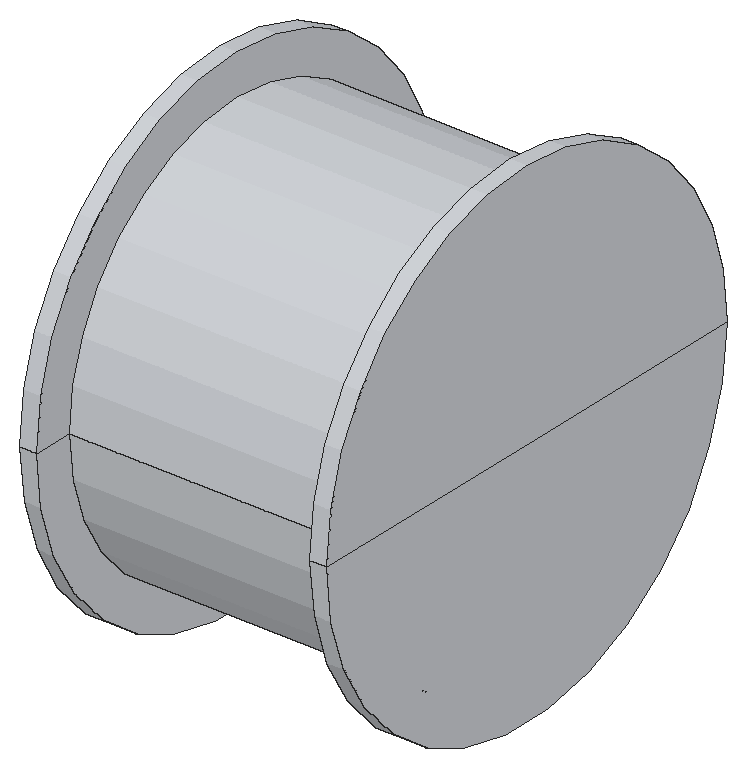
Revit family "be97ff61dff9493fa1e55b4abbdde88b", category Pipe Fittings, Revit 2021
Family settings
  Round Connector Dimension = Use Radius
  Part Type = Union
  OmniClass Number = 23.60.30.11.14
  OmniClass Title = Pipework Fittings
  Seek Item ID = Coupling - Generic-0000-USA-ENU
  Work Plane-Based = No
  Always vertical = Yes
  Cut with Voids When Loaded = No
  Shared = No
Parameters (values of type "Standard")
  Tick Size [instance] = Socket Outside Diameter * 0.4  # 13.1280"
  Socket Outside Radius [instance] = Socket Outside Diameter / 2  # 16.4100"
  Socket Outside Diameter [instance] = size_lookup(Lookup Table Name, "SOD", 1.08 * Nominal Diameter + 1.1200", Nominal Diameter)  # 32.8200"
  Nominal Radius [instance] = 15.0000"
  Nominal Diameter [instance] = Nominal Radius * 2  # 30.0000"
  Loss Method = K Coefficient from Table
  Lookup Table Name = "Sleeve Long Solid Compact - MJ - DI - Class 250"
  Length Not Found [instance] = if(Nominal Diameter < 14.0000", 12.0000", if(Nominal Diameter < 30.0000", 15.0000", 24.0000"))  # 24.0000"
  Length [instance] = size_lookup(Lookup Table Name, "Lgt", Length Not Found, Nominal Diameter)  # 24.0000"
  K Coefficient Table = "Reducer/Coupling/Union/Increaser"
  Gland Width [instance] = size_lookup(Lookup Table Name, "GWid", 0.03 * Nominal Diameter + 0.9400", Nominal Diameter)  # 1.3100"
  Gland Outside Radius [instance] = Gland Outside Diameter / 2  # 19.5600"
  Gland Outside Diameter [instance] = size_lookup(Lookup Table Name, "GOD", 1.16 * Nominal Diameter + 4.0300", Nominal Diameter)  # 39.1200"
  Default Elevation = 0.0000"
Reference planes (in)
  plane 1 "Center (Front/Back)": y = 0
  plane 2: z = 0
  plane 3 "Center (Left/Right)": x = 0
  plane 4: x = -12
  plane 5: x = 12
  plane 6: y = 13.128
  plane 7: y = -13.128
  plane 8: y = 16.41
  plane 9: y = 19.56
  plane 10: x = -10.69
  plane 11: x = 10.69
Forms (in)
  Revolve 1, solid, detail levels fine
    sketch origin (0, 0, 0) x (1, 0, 0) y (0, 1, 0)
      loop
        line (-12, 0) -> (12, 0) -> (12, 19.56) -> (10.69, 19.56) -> (10.69, 16.41) -> (-10.69, 16.41) -> (-10.69, 19.56) -> (-12, 19.56) -> (-12, 0)
      axis (-12, 0) -> (12, 0)
    angle from 0 to 360
Lines and regions (in)
  model lines, detail levels coarse+medium
    curve 1: line (-12, 0, 0) -> (12, 0, 0)
    curve 2: line (-12, 13.128, 0) -> (-12, -13.128, 0)
    curve 3: line (12, 13.128, 0) -> (12, -13.128, 0)
Dimensions and locks (in)
  equal spacing: plane 4, plane 3 "Center (Left/Right)", plane 5
  "Length": plane 4 to plane 5
  "Tick Size": plane 6 to plane 1 "Center (Front/Back)"
  "Tick Size": plane 7 to plane 1 "Center (Front/Back)"
  "Socket Outside Radius": plane 8 to plane 1 "Center (Front/Back)"
  "Gland Outside Radius": plane 9 to plane 1 "Center (Front/Back)"
  "Gland Width": plane 4 to plane 10
  "Gland Width": plane 11 to plane 5
  aligned and locked: plane 6 to curve 2
  aligned and locked: plane 7 to curve 2
  aligned and locked: curve 2 to plane 4
  aligned and locked: plane 6 to curve 3
  aligned and locked: plane 7 to curve 3
  aligned and locked: plane 5 to curve 3
  aligned and locked: plane 4 to curve 1
  aligned and locked: plane 5 to curve 1
  aligned and locked: plane 1 "Center (Front/Back)" to curve 1
  aligned and locked: plane 1 "Center (Front/Back)" to Revolve 1 sketch curve
  aligned and locked: plane 5 to Revolve 1 sketch curve
  aligned and locked: plane 11 to Revolve 1 sketch curve
  aligned and locked: Revolve 1 sketch curve to plane 9  (x2)
  aligned and locked: Revolve 1 sketch curve to plane 8
  aligned and locked: Revolve 1 sketch curve to plane 10
  aligned and locked: plane 4 to Revolve 1 sketch curve
  aligned and locked: Revolve 1 sketch curve to Revolve 1 sketch curve
Automatic sketch dimensions
  Revolve 1 sketch curve to plane 4 = 4.7500"
  Revolve 1 sketch curve to Revolve 1 sketch curve = 6.7500"
Connectors (in)
  piping at (-12, 0, 0), diameter 30, driven by "Nominal Radius"
    settings: on Revolve 1, index 1, connector inside diameter 30.0000", connector length 0.0000", flow factor 0, pipe flow 0 GPM, pressure drop 0.00 psi, fitting loss kfactor 0, connector angle 0.00°, fixture units 0, engagement length 0.0000", angle of deflection 0.00°, flow configuration 0, flow direction 0, fitting loss method 0, system type 28, joint type 0, gender type 0, connector reference index 2, connector utility 0, adjustable connector no, is connector primary yes, connector description ""
  piping at (12, 0, 0), diameter 30, driven by "Nominal Radius"
    settings: on Revolve 1, index 2, connector inside diameter 30.0000", connector length 0.0000", flow factor 0, pipe flow 0 GPM, pressure drop 0.00 psi, fitting loss kfactor 0, connector angle 0.00°, fixture units 0, engagement length 0.0000", angle of deflection 0.00°, flow configuration 0, flow direction 0, fitting loss method 0, system type 28, joint type 0, gender type 0, connector reference index 1, connector utility 0, adjustable connector no, is connector primary no, connector description ""
